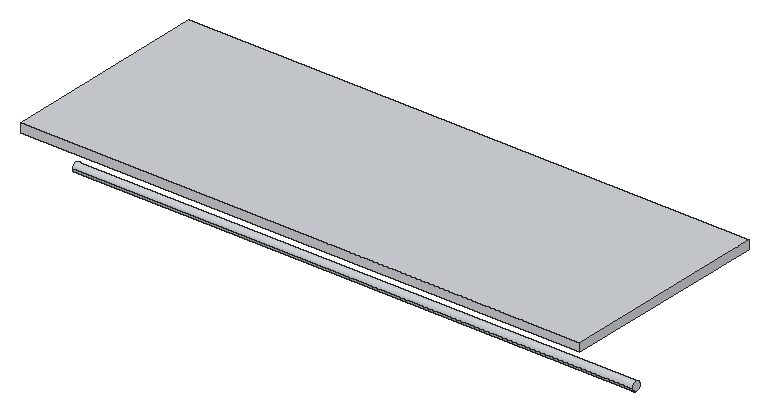
Revit family "65b740a15f914c2299777acbf8081a4e", category Generic Models, Revit 2021
Family settings
  Can host rebar = No
  Round Connector Dimension = Use Diameter
  Part Type = Normal
  OmniClass Number = 23.40.35.17.47
  OmniClass Title = Residential Casework
  Seek Item ID = Closet Shelf and Pole-0000-USA-ENU
  Cut with Voids When Loaded = No
  Shared = No
  Room Calculation Point = No
Parameters (values of type "18" Deep")
  Shelf Material = none
  Shelf Height = 6' - 0"
  Depth = 1' - 6"
  built-in parameter 1001306 [instance] = 4' - 0"
  Default Elevation = 0' - 0"
Types (3): name | Depth
  (no name) | 1' - 6"
  18" Deep | 1' - 6"
  15" Deep | 1' - 3"
Reference planes (in)
  plane 1 "Center (Front/Back)": y = 0
  plane 2: z = 0
  plane 3 "Left": x = 0
  plane 4 "Right": x = 48
  plane 5: y = -18
  plane 6: x = 24
  plane 7: z = 72
  plane 8: z = 71.25
  plane 9: z = 69.75
  plane 10: z = 66
  plane 11: y = -12
Forms (in)
  Extrusion 1, solid, material <- "Shelf Material"
    sketch origin (0, 0, 0) x (1, 0, 0) y (0, 1, 0)
      loop
        line (0, 0) -> (0, -18) -> (48, -18) -> (48, 0) -> (0, 0)
    from 71.25 to 72
  Extrusion 2, solid, material <- "Shelf Material"
    sketch origin (0, 0, 0) x (0, 1, 0) y (0, 0, 1)
      loop
        circle (-12, 66) r 0.375
    from 0 to 48
Lines and regions (in)
  reference lines
    curve 1: line (0, 0, 0) -> (48, 0, 0)
  symbolic lines, style "InvisibleLines"
    curve 2: line (0, 0, 0) -> (0, -18, 0)
    curve 3: line (48, 0, 0) -> (48, -18, 0)
    curve 5: line (0, -18, 0) -> (48, -18, 0)
    curve 6: line (0, 0, 0) -> (48, 0, 0)
  symbolic lines, style "Overhead"
    curve 4: line (0, -12, 0) -> (48, -12, 0)
Dimensions and locks (in)
  "built-in parameter 1001306": plane 3 "Left" to plane 4 "Right"
  equal spacing: plane 3 "Left", plane 6, plane 4 "Right"
  "Depth": plane 5 to plane 1 "Center (Front/Back)"
  "Shelf Height": plane 7 to plane 2
  locked: plane 7 to plane 8 at 0.75
  locked: plane 8 to plane 9 at 1.5
  locked: plane 1 "Center (Front/Back)" to plane 11 at 12
  locked: plane 7 to plane 10 at 6
  aligned and locked: plane 4 "Right" to curve 1
  aligned and locked: plane 1 "Center (Front/Back)" to curve 1
  aligned and locked: plane 3 "Left" to curve 1
  aligned and locked: plane 5 to Extrusion 1 sketch curve
  aligned and locked: plane 3 "Left" to Extrusion 1 sketch curve
  aligned and locked: curve 1 to Extrusion 1 sketch curve
  aligned and locked: plane 1 "Center (Front/Back)" to Extrusion 1 sketch curve
  aligned and locked: plane 7 to Extrusion 1
  aligned and locked: Extrusion 1 to plane 8
  aligned and locked: plane 4 "Right" to Extrusion 2
  aligned and locked: Extrusion 2 to plane 3 "Left"
  aligned and locked: curve 3 to plane 4 "Right"
  aligned and locked: curve 2 to plane 3 "Left"
  aligned and locked: curve 4 to plane 11
  aligned and locked: curve 5 to plane 5
  aligned and locked: curve 6 to curve 1
Automatic sketch dimensions
  Extrusion 2 sketch curve to plane 10 = 0' - 0"
  Extrusion 2 sketch curve to plane 11 = 0' - 0"
  radius of Extrusion 2 sketch curve = 0' - 0 3/8"
